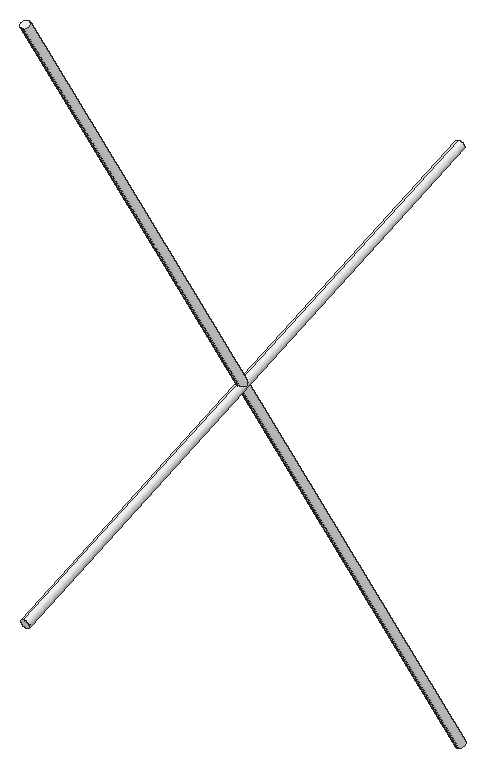
Revit family "Feature CrossWire Panel", category 난간동자, Revit 2026
Family settings
  항상 수직 = 예
  로드될 때 보이드를 사용하여 절단 = 아니오
  공유 = 아니오
Parameters (values of type "800mm Wide Panel 20mmV Gap")
  Wire Radius = 6 mm
  Width = 800 mm
  Vertical Gap = 20 mm
  built-in parameter 1008623 [instance] = (empty or 0)
  built-in parameter 1008625 [instance] = 32.47°
  Post = no
  built-in parameter 1008624 [instance] = (empty or 0)
  built-in parameter 1008622 [instance] = 750 mm
Reference planes
  plane 1 "Center (Front/Back)": y = 0
  plane 2: z = 0
  plane 3 "Center (Left/Right)": x = 0
  plane 4 "Top": z = 750
  plane 5 "Top Cut Angle": through (0, 339.699, 533.838) normal (0, -0.5369, -0.8437)
  plane 6 "Bottom Cut Angle": through (0, 0, 0) normal (0, -0.5369, -0.8437)
  plane 7 "Front": y = 400
  plane 8 "Back": y = -400
  plane 9: y = -380
  plane 10: y = 380
Forms (mm)
  Sweep 1, solid, material "Metal - Steel"
    path origin (0, 0, 0) x (0, 1, 0) y (0, 0, 1)
      loop
        line (-380, 241.807) -> (380, 508.193)
    profile origin (0, 117.059, 41.03) x (0, -0.330777, 0.943709) y (1, 0, 0)
      loop
        circle (353.891, 0) r 6
  Sweep 2, solid, material "Metal - Steel"
    path origin (0, 0, 0) x (0, 1, 0) y (0, 0, 1)
      loop
        line (-380, 991.807) -> (380, -241.807)
    profile origin (0, -167.467, 271.828) x (0, 0.851395, 0.524524) y (1, 0, 0)
      loop
        circle (196.697, 0) r 6
Text (mm)
  text "Baluster Panel Elevation" at (0, 774.199, 1016.929), in view "Left"
Dimensions and locks
  "built-in parameter 1008622": plane 2 to plane 4 "Top"
  equal spacing: plane 7 "Front", plane 1 "Center (Front/Back)", plane 8 "Back"
  "Width": plane 7 "Front" to plane 8 "Back"
  "Vertical Gap": plane 8 "Back" to plane 9
  "Vertical Gap": plane 10 to plane 7 "Front"
  "Wire Radius": radius of Sweep 1 sketch curve
  "Wire Radius": radius of Sweep 2 sketch curve
  "built-in parameter 1008625": angle plane 4 "Top" to plane 5 "Top Cut Angle"
  "built-in parameter 1008625": angle level to plane 6 "Bottom Cut Angle"
Automatic sketch dimensions
  Sweep 1 sketch curve to plane 6 "Bottom Cut Angle" = 0 mm
  Sweep 1 sketch curve to plane 9 = 0 mm
  Sweep 1 sketch curve to plane 5 "Top Cut Angle" = 0 mm
  Sweep 1 sketch curve to plane 10 = 0 mm
  Sweep 1 sketch curve to plane 3 "Center (Left/Right)" = 0 mm
  Sweep 1 sketch curve to profile plane = 0 mm
  Sweep 2 sketch curve to plane 5 "Top Cut Angle" = 0 mm
  Sweep 2 sketch curve to plane 9 = 0 mm
  Sweep 2 sketch curve to plane 6 "Bottom Cut Angle" = 0 mm
  Sweep 2 sketch curve to plane 10 = 0 mm
  Sweep 2 sketch curve to plane 3 "Center (Left/Right)" = 0 mm
  Sweep 2 sketch curve to profile plane = 0 mm
